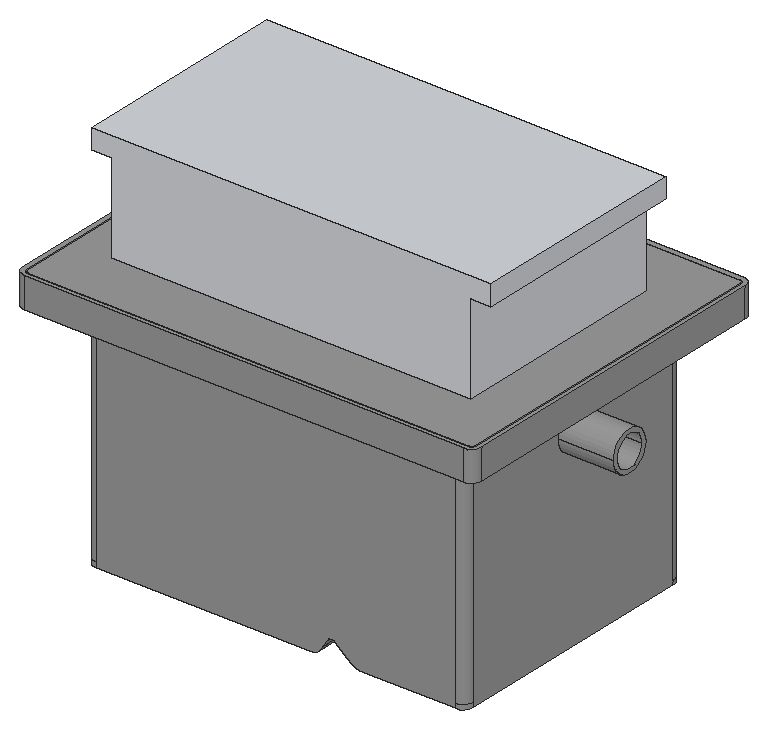
Revit family "Lil_OS", category Plumbing Fixtures, Revit 2019
Family settings
  Round Connector Dimension = Use Diameter
  Part Type = Normal
  Work Plane-Based = No
  Always vertical = Yes
  Cut with Voids When Loaded = No
  Shared = No
  Room Calculation Point = No
Parameters (values of type "Lil-10-OS")
  top 2 = 3.09455"
  URL = "www.mifab.com"
  TOP1 = 1 1/2"
  TOP THK = 1 1/2"
  Pressure Drop = 0.00 psi
  Model = "MI-G-2-PL-PSB-FSCR"
  Mechanical Flow = 10 GPM
  Material = Polyethylene, High Density
  Manufacturer = "MIFAB"
  FULL DIM = 6"
  F2 = F / 2 - 51/256"  # 205/256"
  F/2 = F / 2  # 1"
  F = 2"
  E = 13 1/4"
  Description = "10GPM Lil Max HDPE Oil/Sediment Interceptor"
  D = 9 3/4"
  C = 3 1/2"
  BOTTOM 1 = 9"
  B = 17 1/2"
  A+1 = (A + 1") / 1.95  # 12.30769"
  A = 23"
Types (7): name | Model | Mechanical Flow | F2 | F/2 | F | E | Description | D | C | B | A+1 | A
  (no name) | "MI-G-2-PL-PSB-FSCR" | 10 GPM | 205/256" | 1" | 2" | 13 1/4" | "10GPM Lil Max HDPE Oil/Sediment Interceptor" | 9 3/4" | 3 1/2" | 17 1/2" | 12.30769" | 23"
  Lil-10-OS | "MI-G-2-PL-PSB-FSCR" | 10 GPM | 205/256" | 1" | 2" | 13 1/4" | "10GPM Lil Max HDPE Oil/Sediment Interceptor" | 9 3/4" | 3 1/2" | 17 1/2" | 12.30769" | 23"
  Lil-15-OS | "MI-G-3-PL-PSB-FSCR" | 15 GPM | 205/256" | 1" | 2" | 16 3/4" | "15GPM Lil Max HDPE Oil/Sediment Interceptor" | 13 1/4" | 3 1/2" | 17 1/2" | 12.30769" | 23"
  Lil-20-OS | "MI-G-4-PL-PSB-FSCR" | 20 GPM | 1 77/256" | 1 1/2" | 3" | 14 1/4" | "20GPM Lil Max HDPE Oil/Sediment Interceptor" | 10 3/4" | 3 1/2" | 20 1/2" | 15.64103" | 29 1/2"
  Lil-25-OS | "MI-G-5-PL-PSB-FSCR" | 25 GPM | 1 77/256" | 1 1/2" | 3" | 18 1/4" | "25GPM Lil Max HDPE Oil/Sediment Interceptor" | 14 3/4" | 3 1/2" | 20 1/2" | 15.64103" | 29 1/2"
  Lil-35-OS | "MI-G-6-PL-PSB-FSCR" | 35 GPM | 1 77/256" | 1 1/2" | 3" | 22 1/4" | "35GPM Lil Max HDPE Oil/Sediment Interceptor" | 16 3/4" | 5 1/2" | 25 1/2" | 17.4359" | 33"
  Lil-50-OS | "MI-G-7-PL-PSB-FSCR" | 50 GPM | 1 77/256" | 1 1/2" | 3" | 24 1/4" | "50GPM Lil Max HDPE Oil/Sediment Interceptor" | 18 3/4" | 5 1/2" | 25 1/2" | 17.4359" | 33"
Reference planes (in)
  plane 1 "Center (Front/Back)": y = 0
  plane 2: z = 0
  plane 3 "Center (Left/Right)": x = 0
  plane 4: z = -3.5
  plane 5: z = -13.25
  plane 6: y = 5.5
  plane 7: y = -5.5
Forms (in)
  Extrusion 1, solid, material "Polyethylene, High Density" <- "Material"
    sketch origin (-0.57139, 0, 0) x (1, 0, 0) y (0, 1, 0)
      loop
        arc (-10.42861, 8.75) -> (-10.78216, 8.60355) -> (-10.92861, 8.25) r 0.5
        line (-10.92861, 8.25) -> (-10.92861, -8.25)
        arc (-10.92861, -8.25) -> (-10.78216, -8.60355) -> (-10.42861, -8.75) r 0.5
        line (-10.42861, -8.75) -> (11.57139, -8.75)
        arc (11.57139, -8.75) -> (11.92494, -8.60355) -> (12.07139, -8.25) r 0.5
        line (12.07139, -8.25) -> (12.07139, 8.25)
        arc (12.07139, 8.25) -> (11.92494, 8.60355) -> (11.57139, 8.75) r 0.5
        line (11.57139, 8.75) -> (-10.42861, 8.75)
      loop
        arc (-10.67861, -8.25) -> (-10.60539, -8.42678) -> (-10.42861, -8.5) r 0.25
        line (-10.42861, -8.5) -> (11.57139, -8.5)
        arc (11.57139, -8.5) -> (11.74817, -8.42678) -> (11.82139, -8.25) r 0.25
        line (11.82139, -8.25) -> (11.82139, 8.25)
        arc (11.82139, 8.25) -> (11.74817, 8.42678) -> (11.57139, 8.5) r 0.25
        line (11.57139, 8.5) -> (-10.42861, 8.5)
        arc (-10.42861, 8.5) -> (-10.60539, 8.42678) -> (-10.67861, 8.25) r 0.25
        line (-10.67861, 8.25) -> (-10.67861, -8.25)
    from -1.5 to 0
  Extrusion 2, solid, material "Polyethylene, High Density" <- "Material"
    sketch origin (0, 0, 0) x (1, 0, 0) y (0, 1, 0)
      loop
        arc (-9, 6.75) -> (-9.35355, 6.60355) -> (-9.5, 6.25) r 0.5
        line (-9.5, 6.25) -> (-9.5, -6.25)
        arc (-9.5, -6.25) -> (-9.35355, -6.60355) -> (-9, -6.75) r 0.5
        line (-9, -6.75) -> (9, -6.75)
        arc (9, -6.75) -> (9.35355, -6.60355) -> (9.5, -6.25) r 0.5
        line (9.5, -6.25) -> (9.5, 6.25)
        arc (9.5, 6.25) -> (9.35355, 6.60355) -> (9, 6.75) r 0.5
        line (9, 6.75) -> (-9, 6.75)
      loop
        arc (-9.25, -6.25) -> (-9.17678, -6.42678) -> (-9, -6.5) r 0.25
        line (-9, -6.5) -> (9, -6.5)
        arc (9, -6.5) -> (9.17678, -6.42678) -> (9.25, -6.25) r 0.25
        line (9.25, -6.25) -> (9.25, 6.25)
        arc (9.25, 6.25) -> (9.17678, 6.42678) -> (9, 6.5) r 0.25
        line (9, 6.5) -> (-9, 6.5)
        arc (-9, 6.5) -> (-9.17678, 6.42678) -> (-9.25, 6.25) r 0.25
        line (-9.25, 6.25) -> (-9.25, -6.25)
    from -13.25 to -1.5
  Extrusion 3, solid, material "Polyethylene, High Density" <- "Material"
    sketch origin (0, 0, 0) x (0, 1, 0) y (0, 0, 1)
      loop
        circle (0, -3.5) r 1
    from 9.25 to 12.30769
  Extrusion 4, void
    sketch origin (0, 0, 0) x (0, 1, 0) y (0, 0, 1)
      loop
        circle (0, -3.5) r 0.80078
    from -12.30769 to 12.30769
  Extrusion 5, solid, material "Polyethylene, High Density" <- "Material"
    sketch origin (0, 0, 0) x (0, 1, 0) y (0, 0, -1)
      loop
        circle (0, 3.5) r 1
    from 9.25 to 12.30769
  Extrusion 6, solid, material "Polyethylene, High Density" <- "Material"
    sketch origin (0, 0, 0) x (1, 0, 0) y (0, 1, 0)
      loop
        line (-11.25, 8.25) -> (-11.25, -8.25)
        arc (-11.25, -8.25) -> (-11.17678, -8.42678) -> (-11, -8.5) r 0.25
        line (-11, -8.5) -> (11, -8.5)
        arc (11, -8.5) -> (11.17678, -8.42678) -> (11.25, -8.25) r 0.25
        line (11.25, -8.25) -> (11.25, 8.25)
        arc (11.25, 8.25) -> (11.17678, 8.42678) -> (11, 8.5) r 0.25
        line (11, 8.5) -> (-11, 8.5)
        arc (-11, 8.5) -> (-11.17678, 8.42678) -> (-11.25, 8.25) r 0.25
      loop
        line (-9.25, 6.25) -> (-9.25, -6.25)
        arc (-9.25, -6.25) -> (-9.17678, -6.42678) -> (-9, -6.5) r 0.25
        line (-9, -6.5) -> (9, -6.5)
        arc (9, -6.5) -> (9.17678, -6.42678) -> (9.25, -6.25) r 0.25
        line (9.25, -6.25) -> (9.25, 6.25)
        arc (9.25, 6.25) -> (9.17678, 6.42678) -> (9, 6.5) r 0.25
        line (9, 6.5) -> (-9, 6.5)
        arc (-9, 6.5) -> (-9.17678, 6.42678) -> (-9.25, 6.25) r 0.25
    from -1.5 to -1.27407
  Extrusion 7, solid, material "Polyethylene, High Density" <- "Material"
    sketch origin (0, 0, 0) x (1, 0, 0) y (0, 0, 1)
      loop
        line (-9.5, -13.25) -> (1.68146, -13.25)
        arc (1.68146, -13.25) -> (2.08444, -13.13254) -> (2.3612, -12.81696) r 0.75
        line (2.3612, -12.81696) -> (2.63018, -12.41446)
        arc (2.63018, -12.41446) -> (2.78411, -12.31852) -> (2.95785, -12.3706) r 0.22028
        line (2.95785, -12.3706) -> (3.61676, -12.94339)
        arc (3.61676, -12.94339) -> (3.99907, -13.17084) -> (4.43683, -13.25) r 1.25
        line (4.43683, -13.25) -> (9.5, -13.25) -> (9.5, -13) -> (4.43683, -13)
        arc (4.43683, -13) -> (4.08662, -12.93667) -> (3.78077, -12.75471) r 1
        line (3.78077, -12.75471) -> (3.10631, -12.16841)
        arc (3.10631, -12.16841) -> (2.74971, -12.0615) -> (2.43377, -12.25842) r 0.45213
        line (2.43377, -12.25842) -> (2.14162, -12.69558)
        arc (2.14162, -12.69558) -> (1.95733, -12.91701) -> (1.68146, -13) r 0.5
        line (1.68146, -13) -> (-9.5, -13) -> (-9.5, -13.25)
    from -6.75 to 6.75
  Extrusion 8, void
    sketch origin (0, 0, 0) x (1, 0, 0) y (0, 0, 1)
      loop
        line (1.68146, -13.25) -> (4.43683, -13.25)
        arc (4.43683, -13.25) -> (3.99907, -13.17084) -> (3.61676, -12.94339) r 1.25
        line (3.61676, -12.94339) -> (2.95785, -12.3706)
        arc (2.95785, -12.3706) -> (2.78411, -12.31852) -> (2.63018, -12.41446) r 0.22028
        line (2.63018, -12.41446) -> (2.3612, -12.81696)
        arc (2.3612, -12.81696) -> (2.08444, -13.13254) -> (1.68146, -13.25) r 0.75
    from -13.05949 to 13.44892
  Extrusion 9, void
    sketch origin (0, 0, 0) x (1, 0, 0) y (0, 1, 0)
      loop
        arc (-9, 6.75) -> (-9.35355, 6.60355) -> (-9.5, 6.25) r 0.5
        line (-9.5, 6.25) -> (-9.5, -6.25)
        arc (-9.5, -6.25) -> (-9.35355, -6.60355) -> (-9, -6.75) r 0.5
        line (-9, -6.75) -> (9, -6.75)
        arc (9, -6.75) -> (9.35355, -6.60355) -> (9.5, -6.25) r 0.5
        line (9.5, -6.25) -> (9.5, 6.25)
        arc (9.5, 6.25) -> (9.35355, 6.60355) -> (9, 6.75) r 0.5
        line (9, 6.75) -> (-9, 6.75)
      loop
        arc (-9, 7) -> (-9.53033, 6.78033) -> (-9.75, 6.25) r 0.75
        line (-9.75, 6.25) -> (-9.75, -6.25)
        arc (-9.75, -6.25) -> (-9.53033, -6.78033) -> (-9, -7) r 0.75
        line (-9, -7) -> (9, -7)
        arc (9, -7) -> (9.53033, -6.78033) -> (9.75, -6.25) r 0.75
        line (9.75, -6.25) -> (9.75, 6.25)
        arc (9.75, 6.25) -> (9.53033, 6.78033) -> (9, 7) r 0.75
        line (9, 7) -> (-9, 7)
    from -13.25 to -8.24153
  Extrusion 10, solid, material "Polytetrafluoroethylene"
    sketch origin (0, 0, 0) x (1, 0, 0) y (0, 1, 0)
      loop
        arc (-11.25, -8.25) -> (-11.17678, -8.42678) -> (-11, -8.5) r 0.25
        line (-11, -8.5) -> (11, -8.5)
        arc (11, -8.5) -> (11.17678, -8.42678) -> (11.25, -8.25) r 0.25
        line (11.25, -8.25) -> (11.25, 8.25)
        arc (11.25, 8.25) -> (11.17678, 8.42678) -> (11, 8.5) r 0.25
        line (11, 8.5) -> (-11, 8.5)
        arc (-11, 8.5) -> (-11.17678, 8.42678) -> (-11.25, 8.25) r 0.25
        line (-11.25, 8.25) -> (-11.25, -8.25)
    from -1.27407 to 0
  Extrusion 11, solid
    sketch origin (-0.25, 0, 0) x (1, 0, 0) y (0, 0, 1)
      loop
        line (10, 5.5) -> (-10, 5.5) -> (-10, 4.5) -> (-9, 4.5) -> (-9, 0) -> (9, 0) -> (9, 4.5) -> (10, 4.5) -> (10, 5.5)
    from -5.5 to 5.5
Cuts and joins
  Extrusion 4 cuts Extrusion 1
  Extrusion 4, Extrusion 8 cuts Extrusion 2
  Extrusion 4 cuts Extrusion 3
  Extrusion 4 cuts Extrusion 5
  Extrusion 4 cuts Extrusion 6
  Extrusion 4, Extrusion 8, Extrusion 9 cuts Extrusion 7
  joined: Extrusion 1, Extrusion 2, Extrusion 3, Extrusion 5, Extrusion 6, Extrusion 7
Dimensions and locks (in)
  "D": plane 5 to plane 4
  "C": level to plane 4
  equal spacing: Extrusion 1 sketch curve, plane 1 "Center (Front/Back)", Extrusion 1 sketch curve
  plane 1 "Center (Front/Back)" to Extrusion 1 sketch curve = 8 3/4"
  equal spacing: Extrusion 1, plane 3 "Center (Left/Right)", Extrusion 1
  "A+1": Extrusion 3 to plane 3 "Center (Left/Right)"
  "A": Extrusion 1 sketch curve to Extrusion 1 sketch curve
  equal spacing: Extrusion 1 sketch curve, plane 3 "Center (Left/Right)", Extrusion 1 sketch curve
  "A+1": cut or joined group 1 (Extrusion 1, Extrusion 2, Extrusion 3, Extrusion 4, Extrusion 5, Extrusion 6, Extrusion 7, Extrusion 8, Extrusion 9) to plane 3 "Center (Left/Right)"
  locked: Extrusion 6 to Extrusion 1 at 0.22593
  equal spacing: Extrusion 2 sketch curve, plane 3 "Center (Left/Right)", Extrusion 2 sketch curve
  equal spacing: Extrusion 2 sketch curve, plane 1 "Center (Front/Back)", Extrusion 2 sketch curve
  cut or joined group 1 to cut or joined group 1 = 1/4"
  locked: cut or joined group 1 to cut or joined group 1 at 0.25  (x3)
  cut or joined group 1 to cut or joined group 1 = 2"
  locked: cut or joined group 1 to cut or joined group 1 at 2
  locked: Extrusion 6 sketch curve to cut or joined group 1 at 2  (x2)
  "B": cut or joined group 1 to cut or joined group 1
  locked: cut or joined group 1 to cut or joined group 1 at 2.25  (x2)
  locked: Extrusion 11 to level at 5.5
  "F/2": radius of Extrusion 3 sketch curve
  "F2": radius of Extrusion 4 sketch curve
  "F/2": radius of Extrusion 5 sketch curve
  aligned and locked: plane 2 to level
  aligned and locked: level to Extrusion 1
  aligned and locked: Extrusion 2 to plane 5
  aligned and locked: Extrusion 2 to Extrusion 1
  aligned and locked: plane 1 "Center (Front/Back)" to Extrusion 3 sketch curve
  aligned and locked: plane 4 to Extrusion 3 sketch curve
  aligned and locked: plane 1 "Center (Front/Back)" to Extrusion 4 sketch curve
  aligned and locked: plane 4 to Extrusion 4 sketch curve
  aligned and locked: Extrusion 6 sketch curve to Extrusion 1  (x4)
  aligned and locked: Extrusion 1 to Extrusion 6
  aligned and locked: Extrusion 7 sketch curve to cut or joined group 1
  aligned and locked: Extrusion 8 sketch curve to cut or joined group 1  (x3)
  aligned and locked: cut or joined group 1 to Extrusion 8 sketch curve
  aligned and locked: cut or joined group 1 to Extrusion 6 sketch curve  (x2)
  aligned and locked: Extrusion 7 to Extrusion 2  (x2)
  aligned and locked: Extrusion 2 to Extrusion 7
  aligned and locked: Extrusion 2 to Extrusion 3
  aligned and locked: Extrusion 2 to Extrusion 5
  aligned and locked: Extrusion 9 sketch curve to cut or joined group 1  (x4)
  aligned and locked: Extrusion 9 to plane 5
  aligned and locked: Extrusion 10 sketch curve to cut or joined group 1  (x4)
  aligned and locked: Extrusion 10 to cut or joined group 1
  aligned and locked: level to Extrusion 10
  aligned and locked: Extrusion 3 to Extrusion 4
  aligned and locked: Extrusion 5 to Extrusion 4
  aligned and locked: plane 4 to Extrusion 5 sketch curve
  aligned and locked: plane 1 "Center (Front/Back)" to Extrusion 5 sketch curve
Automatic sketch dimensions
  Extrusion 6 sketch curve to Extrusion 6 sketch curve = 1/4"  (x6)
  Extrusion 8 sketch curve to Extrusion 8 sketch curve = 0.67973"
  plane 5 to Extrusion 8 sketch curve = 0.30661"
  Extrusion 8 sketch curve to Extrusion 8 sketch curve = 0.26899"
  Extrusion 8 sketch curve to Extrusion 8 sketch curve = 0.12239"
  Extrusion 8 sketch curve to Extrusion 8 sketch curve = 37/256"
  Extrusion 2 sketch curve to plane 3 "Center (Left/Right)" = 9 1/2"
  Extrusion 2 sketch curve to Extrusion 2 sketch curve = 1/2"  (x4)
  Extrusion 2 sketch curve to Extrusion 2 sketch curve = 0"  (x11)
  Extrusion 2 sketch curve to Extrusion 2 sketch curve = 1/4"
  plane 1 "Center (Front/Back)" to Extrusion 2 sketch curve = 6 3/4"
  Extrusion 6 sketch curve to Extrusion 6 sketch curve = 2"
  Extrusion 7 sketch curve to Extrusion 7 sketch curve = 0"  (x4)
  Extrusion 7 sketch curve to plane 5 = 0"
  Extrusion 7 sketch curve to plane 3 "Center (Left/Right)" = 9 1/2"
  plane 5 to Extrusion 7 sketch curve = 1/4"
  plane 3 "Center (Left/Right)" to Extrusion 7 sketch curve = 1.68146"
  plane 5 to Extrusion 7 sketch curve = 0.55442"
  Extrusion 7 sketch curve to Extrusion 7 sketch curve = 0.46016"
  plane 5 to Extrusion 7 sketch curve = 0.43304"
  Extrusion 7 sketch curve to Extrusion 7 sketch curve = 0.29215"
  plane 5 to Extrusion 7 sketch curve = 0.83554"
  Extrusion 7 sketch curve to Extrusion 7 sketch curve = 0.19641"
  Extrusion 7 sketch curve to Extrusion 7 sketch curve = 0.1795"
  Extrusion 7 sketch curve to Extrusion 7 sketch curve = 0.00364"
  plane 5 to Extrusion 7 sketch curve = 0.8794"
  Extrusion 7 sketch curve to Extrusion 7 sketch curve = 0.14816"
  plane 5 to Extrusion 7 sketch curve = 1.08159"
  Extrusion 7 sketch curve to Extrusion 7 sketch curve = 0.14846"
  plane 5 to Extrusion 7 sketch curve = 0.30661"
  Extrusion 7 sketch curve to Extrusion 7 sketch curve = 0.65891"
  plane 5 to Extrusion 7 sketch curve = 0.49529"
  Extrusion 7 sketch curve to Extrusion 7 sketch curve = 0.16401"
  Extrusion 7 sketch curve to Extrusion 7 sketch curve = 0.65606"
  Extrusion 7 sketch curve to Extrusion 7 sketch curve = 5.06317"
  Extrusion 7 sketch curve to Extrusion 7 sketch curve = 0.02722"
  Extrusion 9 sketch curve to Extrusion 9 sketch curve = 0"  (x7)
  Extrusion 9 sketch curve to Extrusion 9 sketch curve = 1/4"
  level to Extrusion 11 sketch curve = 4 1/2"
  Extrusion 11 sketch curve to Extrusion 11 sketch curve = 1"  (x4)
  plane 3 "Center (Left/Right)" to Extrusion 11 sketch curve = 8 3/4"
  Extrusion 11 sketch curve to plane 3 "Center (Left/Right)" = 9 1/4"
  Extrusion 11 sketch curve to level = 0"
  Extrusion 1 sketch curve to Extrusion 1 sketch curve = 0"  (x7)
  Extrusion 1 sketch curve to Extrusion 1 sketch curve = 1/4"  (x5)
  Extrusion 3 sketch curve to plane 4 = 0"
Connectors (in)
  piping at (12.30769, 0, -3.5), diameter 2, driven by "F", driven by "Mechanical Flow"
    settings: on cut or joined group 1, index 1, connector inside diameter 24", connector length 0", flow factor 0, pipe flow 10 GPM, pressure drop 0.00 psi, fitting loss kfactor 0, connector angle 0.00°, fixture units 0, engagement length 0", angle of deflection 0.00°, flow configuration 0, flow direction 0, fitting loss method 0, system type 7, joint type 0, gender type 0, connector reference index -1, connector utility 0, adjustable connector no, is connector primary yes, connector description ""
  piping at (-12.30769, 0, -3.5), diameter 2, driven by "F", driven by "Mechanical Flow"
    settings: on cut or joined group 1, index 2, connector inside diameter 24", connector length 0", flow factor 0, pipe flow 10 GPM, pressure drop 0.00 psi, fitting loss kfactor 0, connector angle 0.00°, fixture units 0, engagement length 0", angle of deflection 0.00°, flow configuration 0, flow direction 0, fitting loss method 0, system type 7, joint type 0, gender type 0, connector reference index -1, connector utility 0, adjustable connector no, is connector primary no, connector description ""
